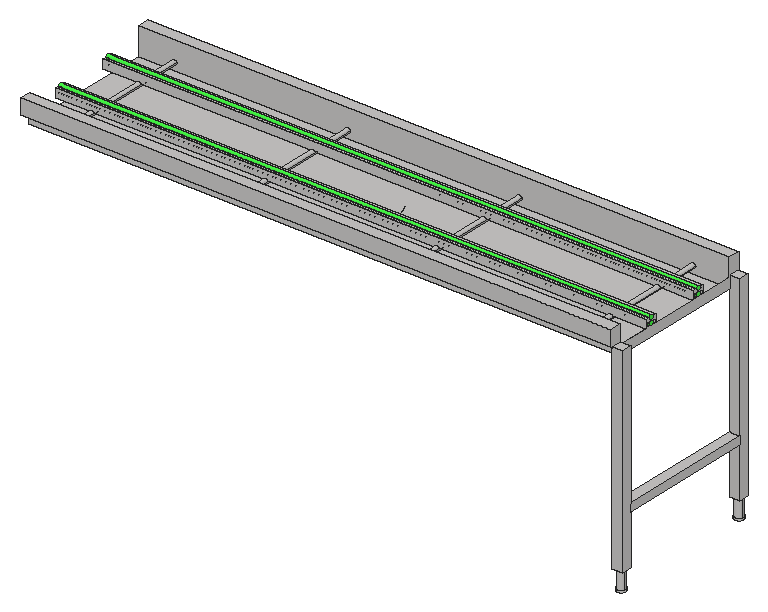
Revit family "QF_ELECTROLUXPROFESSIONAL_863161_HSBCC23", category Specialty Equipment, Revit 2018
Family settings
  Round Connector Dimension = Use Diameter
  Part Type = Normal
  Work Plane-Based = No
  Always vertical = Yes
  Cut with Voids When Loaded = No
  Shared = No
  Room Calculation Point = No
Parameters
  Weight = 0.00 kg
  Watts = 0 W
  Volts = 0 V
  URL Manufacturer = "http://professional.electrolux.com"
  URL = "http://professional.electrolux.com"
  Steam Supply Size = 0 mm
  Steam Supply Minimum Pressure = 0.0 Pa
  Steam Supply Maximum Pressure = 0.0 Pa
  Steam Pounds per Hour = 0
  Refrigeration Suction Line Size = 0 mm
  Refrigeration Liquid Line Size = 0 mm
  Refrigerant Compressor Remote = yes
  Manufacturer = "Electrolux"
  Phase = 0
  Model = "HSBCC23"
  Length Actual = 2300 mm  # constant formula
  Item Number = "863161"
  Hot Water Size = 0 mm
  Height Actual = 910 mm  # constant formula
  HP = "0 HP"
  Gas Size = 0 mm
  Gas KW = 0
  Gas Input Pressure = 0 W
  Description = "CORD CONVEYOR FOR BASKETS, L=2300 MM"
  Depth Actual = 620 mm  # constant formula
  Cycle = 0 Hz
  Condensate Return Size = 0 mm
  Compressed Air Volume = 0.0 L/s
  Compressed Air Size = 0 mm
  Compressed Air Pressure = 0.0 Pa
  Cold Water Size = 0 mm
  Accessory = yes
Reference planes
  plane 1 "Centro (Fronte/Retro)": y = 74.737
  plane 2: z = 0
  plane 3 "LEFT": x = -2738.761
  plane 4 "BACK": y = 384.737
  plane 5 "FRONT": y = -235.263
  plane 6: z = 910
  plane 7 "RIGHT": x = -438.761
  plane 8: x = -1588.761
Forms (mm)
  Extrusion 1, solid, material "QF_Finishes_Stainless Steel"
    sketch origin (11.239, 0, 0) x (0, 1, 0) y (0, 0, 1)
      loop
        line (-235.263, 910) -> (-235.263, 850.033) -> (-190.242, 850.033) -> (-190.242, 910) -> (-235.263, 910)
      loop
        line (384.737, 910) -> (339.716, 910) -> (339.716, 850.033) -> (384.737, 850.033) -> (384.737, 910)
    from -2750 to -451.2
  Extrusion 2, solid, material "QF_Finishes_Stainless Steel"
    sketch origin (11.239, 0, 0) x (0, 1, 0) y (0, 0, 1)
      loop
        line (-191.727, 850.033) -> (-191.727, 800.081) -> (341.245, 800.081) -> (341.245, 850.033) -> (339.716, 850.033) -> (339.716, 803.081) -> (-190.242, 803.081) -> (-190.242, 850.033) -> (-191.727, 850.033)
    from -2750 to -451.2
  Extrusion 3, solid, material "QF_Finishes_Stainless Steel"
    sketch origin (1061.239, 723.253, 4000) x (0, 1, 0) y (0, 0, 1)
      loop
        line (-958.516, -3090) -> (-958.516, -3149.967) -> (-934.752, -3185.632) -> (-915.4, -3185.632) -> (-915.4, -3199.919) -> (-381.633, -3199.919) -> (-381.633, -3185.632) -> (-362.281, -3185.632) -> (-338.516, -3149.967) -> (-338.516, -3090) -> (-383.538, -3090) -> (-383.538, -3161.926) -> (-913.495, -3161.926) -> (-913.495, -3090) -> (-958.516, -3090)
    from -1500 to -1501.2
  Extrusion 4, solid, material "QF_Finishes_Stainless Steel"
    sketch origin (-1477.522, 74.737, 0) x (-1, 0, 0) y (0, 0, -1)
      loop
        line (-1079.929, -300) -> (-1039.929, -300) -> (-1039.929, -270) -> (-1079.929, -270) -> (-1079.929, -300)
    from -266.504 to 266.46
  Revolve 5, solid, material "QF_Finishes_Stainless Steel"
    sketch origin (0, 74.737, 0) x (1, 0, 0) y (0, 0, 1)
      loop
        line (-1665.255, 800.081) -> (-1665.255, 786.333)
        arc (-1665.255, 786.333) -> (-1664.651, 784.73) -> (-1663.151, 783.903) r 2.474
        arc (-1663.151, 783.903) -> (-1659.843, 780.044) -> (-1663.138, 776.173) r 3.913
        arc (-1663.138, 776.173) -> (-1664.648, 775.341) -> (-1665.255, 773.728) r 2.49
        line (-1665.255, 773.728) -> (-1665.255, 733.404)
        arc (-1665.255, 733.404) -> (-1654.605, 702.706) -> (-1627.218, 685.219) r 49.516
        line (-1627.218, 685.219) -> (-1627.218, 682.73) -> (-1626.011, 681.079) -> (-1626.011, 679.492) -> (-1612.231, 673.492) -> (-1612.231, 638.761) -> (-1610.707, 637.3) -> (-1588.761, 637.3) -> (-1588.761, 800.081) -> (-1665.255, 800.081)
      axis (-1588.761, 800.081) -> (-1588.761, 637.3)
    angle from 0 to 360
  Extrusion 6, solid, material "QF_Finishes_Stainless Steel"
    sketch origin (0, 74.737, 0) x (1, 0, 0) y (0, 0, 1)
      loop
        circle (-2598.761, 831.05) r 8.5
    from -265 to 264.979
  Extrusion 7, solid, material "QF_Finishes_Stainless Steel"
    sketch origin (2140, 74.737, 0) x (1, 0, 0) y (0, 0, 1)
      loop
        circle (-2718.761, 831.05) r 8.5
    from -265 to 265
  Extrusion 8, solid, material "QF_Finishes_Stainless Steel"
    sketch origin (-438.761, 0, 0) x (0, 1, 0) y (0, 0, 1)
      loop
        line (-62.763, 869.045) -> (-62.763, 835.05) -> (-60.363, 835.05) -> (-60.363, 857.845) -> (-19.763, 857.845) -> (-19.763, 835.05) -> (-17.763, 835.05) -> (-17.763, 869.045) -> (-30.056, 869.045) -> (-35.275, 860.005) -> (-45.251, 860.005) -> (-50.47, 869.045) -> (-62.763, 869.045)
      loop
        line (212.237, 869.045) -> (199.944, 869.045) -> (194.725, 860.005) -> (184.749, 860.005) -> (179.53, 869.045) -> (167.237, 869.045) -> (167.237, 835.05) -> (169.237, 835.05) -> (169.237, 857.845) -> (209.837, 857.845) -> (209.837, 835.05) -> (212.237, 835.05) -> (212.237, 869.045)
    from 0 to -2300
  Extrusion 9, solid, material "QF_Finishes_Green"
    sketch origin (-438.761, 0, 0) x (0, 1, 0) y (0, 0, 1)
      loop
        circle (-40.263, 868.505) r 7.5
      loop
        circle (-40.263, 848.505) r 7.5
      loop
        circle (189.737, 868.505) r 7.5
      loop
        circle (189.737, 848.505) r 7.5
    from 0 to -2300
  Extrusion 10, solid, material "QF_Finishes_Stainless Steel"
    sketch origin (145, 74.737, 0) x (1, 0, 0) y (0, 0, 1)
      loop
        circle (-2067.594, 831.05) r 8.5
      loop
        circle (-1399.928, 831.05) r 8.5
    from -265 to 264.979
Cuts and joins
  joined: Extrusion 1, Extrusion 2, Extrusion 3, Extrusion 6, Extrusion 7, Extrusion 8, Extrusion 10
Lines and regions (mm)
  Split face 1
    outline origin (-1123.782, -239.063, 803.081) x (0, 1, 0) y (-1, 0, 0)
      loop
        circle (313.8, 464.979) r 3
  Split face 2
    outline origin (-1123.782, -239.063, 803.081) x (0, 1, 0) y (-1, 0, 0)
      loop
        circle (313.8, 464.979) r 9
  Split face 3
    outline origin (-1123.782, -239.063, 803.081) x (0, 1, 0) y (-1, 0, 0)
      loop
        circle (313.8, 464.979) r 26
  Split face 4
    outline origin (-1123.782, -239.063, 803.081) x (0, 1, 0) y (-1, 0, 0)
      loop
        circle (313.8, 464.979) r 36
  Split face 5
    outline origin (-1123.782, -239.063, 803.081) x (0, 1, 0) y (-1, 0, 0)
      loop
        circle (313.8, 464.979) r 53
  symbolic lines
    curve 1: line (-438.761, 384.737, 0) -> (-2738.761, 384.737, 0)
    curve 2: line (-2738.761, 384.737, 0) -> (-2738.761, -235.263, 0)
    curve 3: line (-2738.761, 339.716, 0) -> (-438.761, 339.716, 0)
    curve 4: line (-2738.761, -235.263, 0) -> (-438.761, -235.263, 0)
    curve 5: line (-438.761, -235.263, 0) -> (-438.761, 384.737, 0)
    curve 6: line (-438.761, -190.242, 0) -> (-2738.761, -190.242, 0)
    curve 7: line (-2738.761, 74.737, 0) -> (-2708.761, 74.737, 0)
    curve 8: line (-438.761, 74.737, 0) -> (-468.761, 74.737, 0)
    curve 9: circle (-1588.761, 74.737, 0) r 23.47 normal (0, 0, 1)
    curve 10: line (-438.761, 212.237, 0) -> (-2738.761, 212.237, 0)
    curve 11: line (-2738.761, 167.237, 0) -> (-438.761, 167.237, 0)
    curve 12: line (-438.761, -17.763, 0) -> (-2738.761, -17.763, 0)
    curve 13: line (-2738.761, -62.763, 0) -> (-438.761, -62.763, 0)
    curve 14: line (-2738.761, -47.763, 0) -> (-438.761, -47.763, 0)
    curve 15: line (-2738.761, -32.763, 0) -> (-438.761, -32.763, 0)
    curve 16: line (-2738.761, 197.237, 0) -> (-438.761, 197.237, 0)
    curve 17: line (-2738.761, 182.237, 0) -> (-438.761, 182.237, 0)
    curve 18: line (-2607.261, 339.716, 0) -> (-2607.261, 212.237, 0)
    curve 19: line (-2590.261, 339.716, 0) -> (-2590.261, 212.237, 0)
    curve 20: line (-2590.261, 167.237, 0) -> (-2590.261, -17.763, 0)
    curve 21: line (-2607.261, 167.237, 0) -> (-2607.261, -17.763, 0)
    curve 22: line (-2607.261, -62.763, 0) -> (-2607.261, -190.242, 0)
    curve 23: line (-2590.261, -62.763, 0) -> (-2590.261, -190.242, 0)
    curve 24: line (-587.261, 339.716, 0) -> (-587.261, 212.237, 0)
    curve 25: line (-570.261, 339.716, 0) -> (-570.261, 212.237, 0)
    curve 26: line (-570.261, 167.237, 0) -> (-570.261, -17.763, 0)
    curve 27: line (-587.261, 167.237, 0) -> (-587.261, -17.763, 0)
    curve 28: line (-587.261, -62.763, 0) -> (-587.261, -190.242, 0)
    curve 29: line (-570.261, -62.763, 0) -> (-570.261, -190.242, 0)
    curve 30: line (-1931.094, 339.716, 0) -> (-1931.094, 212.237, 0)
    curve 31: line (-1914.094, 339.716, 0) -> (-1914.094, 212.237, 0)
    curve 32: line (-1914.094, 167.237, 0) -> (-1914.094, -17.763, 0)
    curve 33: line (-1931.094, 167.237, 0) -> (-1931.094, -17.763, 0)
    curve 34: line (-1931.094, -62.763, 0) -> (-1931.094, -190.242, 0)
    curve 35: line (-1914.094, -62.763, 0) -> (-1914.094, -190.242, 0)
    curve 36: line (-1263.428, 339.716, 0) -> (-1263.428, 212.237, 0)
    curve 37: line (-1246.428, 339.716, 0) -> (-1246.428, 212.237, 0)
    curve 38: line (-1246.428, 167.237, 0) -> (-1246.428, -17.763, 0)
    curve 39: line (-1263.428, 167.237, 0) -> (-1263.428, -17.763, 0)
    curve 40: line (-1263.428, -62.763, 0) -> (-1263.428, -190.242, 0)
    curve 41: line (-1246.428, -62.763, 0) -> (-1246.428, -190.242, 0)
Dimensions and locks
  plane 3 "LEFT" to plane 7 "RIGHT" = 2300 mm
  equal spacing: plane 4 "BACK", plane 1 "Centro (Fronte/Retro)", plane 5 "FRONT"
  plane 4 "BACK" to plane 5 "FRONT" = 620 mm
  equal spacing: plane 3 "LEFT", plane 8, plane 7 "RIGHT"
  locked: Extrusion 6 sketch curve to plane 3 "LEFT" at 140
  locked: plane 7 "RIGHT" to Extrusion 7 sketch curve at 140
  aligned and locked: level to plane 2
  aligned and locked: curve 9 to Revolve 5
  aligned and locked: plane 8 to Split face 5  (x2)
  aligned and locked: plane 8 to Split face 4  (x2)
  aligned and locked: plane 8 to cut or joined group of Extrusion 1, Extrusion 2, Extrusion 3, Extrusion 6, Extrusion 7, Extrusion 8, Extrusion 10  (x4)
  aligned and locked: plane 8 to Split face 3  (x2)
  aligned and locked: plane 8 to Split face 2  (x2)
  aligned and locked: plane 8 to Split face 1  (x2)
  aligned and locked: Extrusion 2 to plane 3 "LEFT"
  aligned and locked: Extrusion 1 to plane 3 "LEFT"
  aligned and locked: Extrusion 8 to plane 3 "LEFT"
  aligned and locked: cut or joined group of Extrusion 1, Extrusion 2, Extrusion 3, Extrusion 6, Extrusion 7, Extrusion 8, Extrusion 10 to plane 3 "LEFT"  (x2)
  aligned and locked: plane 3 "LEFT" to curve 6
  aligned and locked: plane 3 "LEFT" to curve 4
  aligned and locked: Extrusion 9 to plane 3 "LEFT"
Automatic sketch dimensions
  Extrusion 1 sketch curve to plane 5 "FRONT" = 0 mm
  Extrusion 1 sketch curve to plane 6 = 0 mm  (x2)
  Extrusion 1 sketch curve to plane 4 "BACK" = 0 mm
  plane 5 "FRONT" to Extrusion 1 sketch curve = 45.021 mm
  Extrusion 1 sketch curve to plane 4 "BACK" = 45.021 mm
  Extrusion 1 sketch curve to Extrusion 1 sketch curve = 59.967 mm  (x2)
  plane 5 "FRONT" to Extrusion 2 sketch curve = 43.536 mm
  Extrusion 2 sketch curve to Extrusion 2 sketch curve = 1.486 mm
  Extrusion 2 sketch curve to plane 4 "BACK" = 45.021 mm
  Extrusion 2 sketch curve to Extrusion 2 sketch curve = 1.529 mm
  Extrusion 2 sketch curve to plane 6 = 109.919 mm
  Extrusion 2 sketch curve to Extrusion 2 sketch curve = 3 mm
  Extrusion 2 sketch curve to Extrusion 2 sketch curve = 46.952 mm  (x2)
  Extrusion 3 sketch curve to plane 5 "FRONT" = 0 mm
  Extrusion 3 sketch curve to plane 6 = 0 mm  (x2)
  Extrusion 3 sketch curve to plane 4 "BACK" = 0 mm
  plane 5 "FRONT" to Extrusion 3 sketch curve = 23.764 mm
  Extrusion 3 sketch curve to Extrusion 3 sketch curve = 19.352 mm  (x2)
  plane 5 "FRONT" to Extrusion 3 sketch curve = 45.021 mm
  Extrusion 3 sketch curve to plane 4 "BACK" = 45.021 mm
  Extrusion 3 sketch curve to Extrusion 3 sketch curve = 1.905 mm
  Extrusion 3 sketch curve to Extrusion 3 sketch curve = 59.967 mm  (x2)
  Extrusion 3 sketch curve to Extrusion 3 sketch curve = 11.959 mm
  Extrusion 3 sketch curve to Extrusion 3 sketch curve = 23.706 mm  (x2)
  Extrusion 3 sketch curve to Extrusion 3 sketch curve = 14.287 mm
  Extrusion 4 sketch curve to plane 7 "RIGHT" = 41.168 mm
  Extrusion 4 sketch curve to plane 7 "RIGHT" = 1.168 mm
  Extrusion 4 sketch curve to level = 270 mm
  Extrusion 4 sketch curve to Extrusion 4 sketch curve = 30 mm
  Extrusion 6 sketch curve to plane 6 = 78.95 mm
  Extrusion 7 sketch curve to plane 6 = 78.95 mm
  plane 1 "Centro (Fronte/Retro)" to Extrusion 8 sketch curve = 137.5 mm
  Extrusion 8 sketch curve to Extrusion 8 sketch curve = 2.4 mm  (x2)
  Extrusion 8 sketch curve to plane 6 = 40.955 mm  (x3)
  Extrusion 8 sketch curve to Extrusion 8 sketch curve = 12.293 mm  (x2)
  Extrusion 8 sketch curve to Extrusion 8 sketch curve = 5.219 mm  (x4)
  Extrusion 8 sketch curve to Extrusion 8 sketch curve = 9.976 mm  (x2)
  Extrusion 8 sketch curve to Extrusion 8 sketch curve = 10.293 mm
  Extrusion 8 sketch curve to Extrusion 8 sketch curve = 2 mm  (x2)
  Extrusion 8 sketch curve to plane 1 "Centro (Fronte/Retro)" = 92.5 mm
  Extrusion 8 sketch curve to plane 6 = 49.995 mm
  Extrusion 8 sketch curve to Extrusion 8 sketch curve = 9.893 mm
  Extrusion 8 sketch curve to Extrusion 8 sketch curve = 11.2 mm
  Extrusion 8 sketch curve to Extrusion 8 sketch curve = 2.16 mm
  Extrusion 8 sketch curve to Extrusion 8 sketch curve = 22.795 mm  (x4)
  Extrusion 8 sketch curve to Extrusion 8 sketch curve = 9.04 mm  (x2)
  plane 1 "Centro (Fronte/Retro)" to Extrusion 9 sketch curve = 115 mm
  Extrusion 9 sketch curve to Extrusion 9 sketch curve = 0 mm  (x2)
  Extrusion 9 sketch curve to plane 1 "Centro (Fronte/Retro)" = 115 mm
  Extrusion 9 sketch curve to plane 6 = 61.495 mm  (x2)
  Extrusion 9 sketch curve to Extrusion 9 sketch curve = 20 mm  (x2)
  plane 1 "Centro (Fronte/Retro)" to curve 7 = 0 mm
  plane 1 "Centro (Fronte/Retro)" to curve 8 = 0 mm
  curve 15 to plane 7 "RIGHT" = 0 mm
  curve 4 to plane 5 "FRONT" = 0 mm
  curve 2 to plane 4 "BACK" = 0 mm
  plane 3 "LEFT" to curve 7 = 30 mm
  curve 18 to plane 4 "BACK" = 45.021 mm
  plane 3 "LEFT" to curve 18 = 131.5 mm
  plane 5 "FRONT" to curve 22 = 45.021 mm
  plane 3 "LEFT" to curve 22 = 131.5 mm
  curve 21 to curve 18 = 0 mm
  curve 18 to curve 19 = 17 mm
  curve 21 to curve 20 = 17 mm
  curve 22 to curve 23 = 17 mm
  curve 33 to plane 1 "Centro (Fronte/Retro)" = 92.5 mm
  curve 33 to plane 8 = 342.333 mm
  curve 34 to curve 33 = 0 mm
  curve 30 to curve 33 = 0 mm
  curve 34 to curve 35 = 17 mm
  curve 30 to curve 31 = 17 mm
  curve 33 to curve 32 = 17 mm
  curve 36 to plane 1 "Centro (Fronte/Retro)" = 137.5 mm
  plane 8 to curve 36 = 325.333 mm
  plane 8 to curve 40 = 325.333 mm
  curve 39 to curve 40 = 0 mm
  curve 36 to curve 37 = 17 mm
  curve 39 to curve 38 = 17 mm
  curve 40 to curve 41 = 17 mm
  curve 28 to plane 7 "RIGHT" = 148.5 mm
  curve 24 to plane 7 "RIGHT" = 148.5 mm
  curve 27 to curve 28 = 0 mm
  curve 27 to curve 26 = 17 mm
  curve 24 to curve 25 = 17 mm
  curve 28 to curve 29 = 17 mm
  curve 8 to plane 7 "RIGHT" = 30 mm
  curve 35 to curve 35 = 127.479 mm
  curve 13 to curve 14 = 15 mm
  curve 14 to curve 15 = 15 mm
  curve 15 to curve 12 = 15 mm
  curve 11 to curve 17 = 15 mm
  curve 16 to curve 10 = 15 mm
  Revolve 5 sketch curve to plane 8 = 0 mm  (x2)
  Revolve 5 sketch curve to Revolve 5 sketch curve = 21.946 mm
  Revolve 5 sketch curve to Revolve 5 sketch curve = 1.524 mm
  Revolve 5 sketch curve to plane 8 = 26.978 mm
  Revolve 5 sketch curve to Revolve 5 sketch curve = 13.78 mm
  Revolve 5 sketch curve to Revolve 5 sketch curve = 1.206 mm
  Revolve 5 sketch curve to Revolve 5 sketch curve = 47.026 mm
  Revolve 5 sketch curve to Revolve 5 sketch curve = 0.016 mm  (x3)
  Revolve 5 sketch curve to Revolve 5 sketch curve = 0.976 mm
  Revolve 5 sketch curve to Revolve 5 sketch curve = 2.474 mm
  Revolve 5 sketch curve to Revolve 5 sketch curve = 2.49 mm
  Revolve 5 sketch curve to Revolve 5 sketch curve = 0 mm
  Revolve 5 sketch curve to plane 6 = 272.7 mm
  Revolve 5 sketch curve to Revolve 5 sketch curve = 1.461 mm
  Revolve 5 sketch curve to Revolve 5 sketch curve = 34.731 mm
  Revolve 5 sketch curve to Revolve 5 sketch curve = 6 mm
  Revolve 5 sketch curve to Revolve 5 sketch curve = 1.588 mm
  Revolve 5 sketch curve to Revolve 5 sketch curve = 1.651 mm
  Revolve 5 sketch curve to Revolve 5 sketch curve = 2.488 mm
  Revolve 5 sketch curve to Revolve 5 sketch curve = 48.167 mm
  Revolve 5 sketch curve to Revolve 5 sketch curve = 40.307 mm
  Revolve 5 sketch curve to Revolve 5 sketch curve = 6.326 mm
  Revolve 5 sketch curve to Revolve 5 sketch curve = 6.296 mm
  Revolve 5 sketch curve to Revolve 5 sketch curve = 13.748 mm
  Revolve 5 sketch curve to Revolve 5 sketch curve = 0.373 mm
  Revolve 5 sketch curve to Revolve 5 sketch curve = 38.557 mm
  plane 6 to Revolve 5 sketch curve = 8.743 mm
  cut or joined group of Extrusion 1, Extrusion 2, Extrusion 3, Extrusion 6, Extrusion 7, Extrusion 8, Extrusion 10 to Split face 1 sketch curve = 264.979 mm
  cut or joined group of Extrusion 1, Extrusion 2, Extrusion 3, Extrusion 6, Extrusion 7, Extrusion 8, Extrusion 10 to Split face 1 sketch curve = 1148.8 mm
  cut or joined group of Extrusion 1, Extrusion 2, Extrusion 3, Extrusion 6, Extrusion 7, Extrusion 8, Extrusion 10 to Split face 2 sketch curve = 264.979 mm
  cut or joined group of Extrusion 1, Extrusion 2, Extrusion 3, Extrusion 6, Extrusion 7, Extrusion 8, Extrusion 10 to Split face 2 sketch curve = 1148.8 mm
  cut or joined group of Extrusion 1, Extrusion 2, Extrusion 3, Extrusion 6, Extrusion 7, Extrusion 8, Extrusion 10 to Split face 3 sketch curve = 264.979 mm
  cut or joined group of Extrusion 1, Extrusion 2, Extrusion 3, Extrusion 6, Extrusion 7, Extrusion 8, Extrusion 10 to Split face 3 sketch curve = 1148.8 mm
  cut or joined group of Extrusion 1, Extrusion 2, Extrusion 3, Extrusion 6, Extrusion 7, Extrusion 8, Extrusion 10 to Split face 4 sketch curve = 264.979 mm
  cut or joined group of Extrusion 1, Extrusion 2, Extrusion 3, Extrusion 6, Extrusion 7, Extrusion 8, Extrusion 10 to Split face 4 sketch curve = 1148.8 mm
  cut or joined group of Extrusion 1, Extrusion 2, Extrusion 3, Extrusion 6, Extrusion 7, Extrusion 8, Extrusion 10 to Split face 5 sketch curve = 264.979 mm
  cut or joined group of Extrusion 1, Extrusion 2, Extrusion 3, Extrusion 6, Extrusion 7, Extrusion 8, Extrusion 10 to Split face 5 sketch curve = 1148.8 mm
  Extrusion 10 sketch curve to plane 6 = 78.95 mm  (x2)
  Extrusion 10 sketch curve to plane 8 = 333.833 mm
  plane 8 to Extrusion 10 sketch curve = 333.833 mm
  radius of Extrusion 6 sketch curve = 8.5 mm
  radius of Extrusion 7 sketch curve = 8.5 mm
  radius of Extrusion 9 sketch curve = 7.5 mm  (x4)
  radius of Split face 1 sketch curve = 3 mm
  radius of Split face 2 sketch curve = 9 mm
  radius of Split face 3 sketch curve = 26 mm
  radius of Split face 4 sketch curve = 36 mm
  radius of Split face 5 sketch curve = 53 mm
  radius of Extrusion 10 sketch curve = 8.5 mm  (x2)
Nested families
  nested 1: "Foot_40x40" at (-417.593, 361.245, 0) x (-1, 0, 0) z (0, 0, 1), type "Foot_40x40"
    with A 850.033 mm
  nested 2: "Foot_40x40" at (-417.593, -211.771, 0) x (-1, 0, 0) z (0, 0, 1), type "Foot_40x40"
    with A 850.033 mm
Connectors
  piping at (-1588.761, 74.737, 637.3), diameter 40
    settings: on Revolve 5, index 1, connector inside diameter 609.6 mm, connector length 0 mm, flow factor 0, pipe flow 0.0 L/s, pressure drop 0.0 Pa, fitting loss kfactor 0, connector angle 0.00°, fixture units 0, engagement length 0 mm, angle of deflection 0.00°, flow configuration 1, flow direction 2, fitting loss method 0, system type 16, joint type 0, gender type 0, connector reference index -1, connector utility 0, adjustable connector no, is connector primary yes, connector description "Drain"
Definition of nested family "Foot_40x40"
  Parameters
    A [instance] = 850 mm
  Reference planes
    plane 1 "Centro (Fronte/Retro)": y = 0
    plane 2: z = 0
    plane 3 "Centro (Sinistra/Destra)": x = 0
    plane 4: z = 850
  Forms (mm)
    Extrusion 1, solid
      sketch origin (0, 0, 0) x (1, 0, 0) y (0, 1, 0)
        loop
          circle (0, 0) r 18
      from 0 to 5
    Extrusion 2, solid
      sketch origin (0, 0, 5) x (1, 0, 0) y (0, 1, 0)
        loop
          circle (0, 0) r 15
      from 0 to 70
    Extrusion 3, solid
      sketch origin (0, 0, 75) x (1, 0, 0) y (0, 1, 0)
        loop
          line (-20, 20) -> (-20, -20) -> (20, -20) -> (20, 20) -> (-20, 20)
      from 0 to 775
  Dimensions and locks
    "A": plane 4 to plane 2
    aligned and locked: level to plane 2
    aligned and locked: plane 4 to Extrusion 3
    aligned and locked: Extrusion 1 to level
  Automatic sketch dimensions
    plane 1 "Centro (Fronte/Retro)" to Extrusion 1 sketch curve = 0 mm
    Extrusion 1 sketch curve to plane 3 "Centro (Sinistra/Destra)" = 0 mm
    Extrusion 3 sketch curve to Extrusion 3 sketch curve = 40 mm  (x2)
    radius of Extrusion 1 sketch curve = 18 mm
    radius of Extrusion 2 sketch curve to Extrusion 1 = 3 mm
